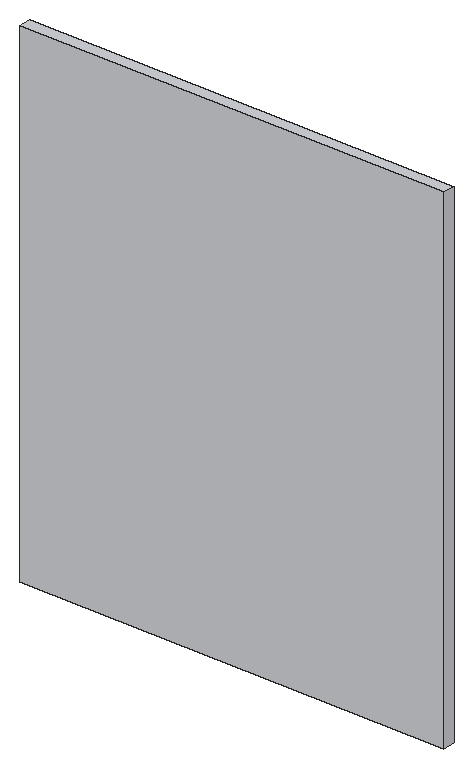
Revit family "Front - Plain", category Casework, Revit 2021
Family settings
  Work Plane-Based = No
  Always vertical = Yes
  Cut with Voids When Loaded = No
  Shared = No
  Room Calculation Point = No
Parameters (values of type "Front - Plain")
  Width = 600 mm
  Swing = yes
  Height = 704 mm
  Front Finish = none
  Depth = 16 mm
  Default Elevation = 0 mm
  Creator Organization [instance] = "© Danish Educational Content"  # constant formula
  Creator Name [instance] = "© Erik Falck Jørgensen"  # constant formula
  Creator Build [instance] = "2018.0420.0"  # constant formula
  Assembly Code = ""
Reference planes
  plane 1 "Front": y = 0
  plane 2: z = 0
  plane 3 "Center (Left/Right)": x = 0
  plane 4: x = -300
  plane 5: x = 300
  plane 6: z = 704
Forms (mm)
  Extrusion 1, solid, material <- "Front Finish"
    sketch origin (0, 0, 0) x (1, 0, 0) y (0, 0, 1)
      loop
        line (-297, 701) -> (-297, 3) -> (297, 3) -> (297, 701) -> (-297, 701)
    from 0 to 16 <- "Depth"
Lines and regions (mm)
  reference lines
    curve 1: line (-300, 0, 0) -> (392.82, -400, 0)
  symbolic lines, style "Elevation Swing", visible <- "Swing"
    curve 2: line (-300, 0, 0) -> (219.615, -300, 0)
    curve 3: arc (300, 0, 0) -> (279.555, -155.291, 0) -> (219.615, -300, 0) r 600
Dimensions and locks
  equal spacing: plane 4, plane 3 "Center (Left/Right)", plane 5
  "Width": plane 4 to plane 5
  "Height": plane 6 to plane 2
  locked: Extrusion 1 sketch curve to plane 2 at 3
  locked: plane 6 to Extrusion 1 sketch curve at 3
  locked: Extrusion 1 sketch curve to plane 4 at 3
  locked: plane 5 to Extrusion 1 sketch curve at 3
  locked: curve 1 to plane 1 "Front" (angle 30.00°)
  aligned and locked: level to plane 2
  aligned and locked: curve 2 to curve 1
Automatic sketch dimensions
  plane 1 "Front" to curve 1 = 0 mm
  curve 1 to plane 4 = 0 mm
  plane 1 "Front" to curve 3 = 0 mm
  curve 3 to plane 4 = 0 mm
  plane 1 "Front" to curve 2 = 0 mm
  curve 3 to plane 5 = 0 mm
